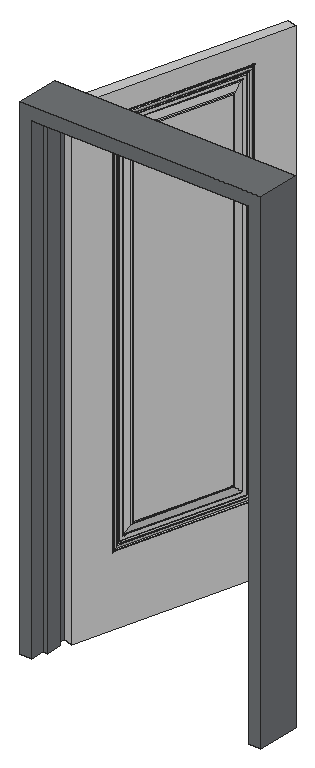
Revit family "Taylor_Entrance_1_Panel_High_Def", category Doors, host Wall, Revit 2026
Family settings
  Host = Wall
  Classification Number = 23.30.10.00
  Always vertical = Yes
  Cut with Voids When Loaded = No
  Shared = No
  Room Calculation Point = No
Parameters (values of type "36" x 84" ADA")
  Wall depth [instance] = 0' - 6"
  URL = ""
  Thickness = 0' - 1 3/4"
  Swing Visible [instance] = Swing Angle > 1.00°  # yes
  Swing Angle [instance] = 75.00°
  Swing Actual [instance] = if(Swing Angle < 1.00°, 1.00°, Swing Angle)  # 75.00°
  Specification = "https://charrette.arcat.com/company/taylor-entrance-systems-inc-50999/spec"
  SpecWizard = ""
  Sales Information = "http://www.taylordoor.com/Content/Contact_Us.cfm"
  Rough Width = Width + 0' 4"  # 3' - 4"
  Rough Height = Height + 0' 2"  # 6' - 10"
  Product Data = ""
  Model = "1 Panel High Def"
  Masonry Wall [instance] = not(Gypboard Wall)  # no
  Manufacturer Website = "http://www.taylordoor.com/"
  Manufacturer Phone - Toll Free = "800-248-3600"
  Manufacturer Phone = ""
  Manufacturer Fax = "800-252-5468"
  Manufacturer Email = ""
  Manufacturer Address = "631 N. First St., West Branch, MI 48661"
  Manufacturer = "Taylor Entrance Systems"
  Installation-Fabrication = ""
  Gypboard Wall [instance] = yes
  Green Building-LEED = ""
  Function = Interior
  Height = 6' - 8"
  Wall Closure = By host
  Width = 3' - 0"
  Fire Rating = ""
  Door Panel = Door Slab - 1 Panel HD_ADA : Door Slab - 1 Panel HD_ADA
  Door Frame Finish = Material - Door - Frame
  Door Finish = Door Finish - Grey Paintable Primer
  Description = "1 panel high def (HD) ADA option for steel doors"
  Analytic Construction = "<None>"
Types (2): name | Door Panel | Description
  36" x 84" ADA | Door Slab - 1 Panel HD_ADA : Door Slab - 1 Panel HD_ADA | "1 panel high def (HD) ADA option for steel doors"
  36" x 84" | Door Slab - 1 Panel HD : Door Slab - 1 Panel HD | "1 panel high def (HD) option for steel doors"
Reference planes (in)
  plane 1 "Center (Front/Back)": y = 0
  plane 2 "Center (Left/Right)": x = 0
  plane 3 "Left": x = -18
  plane 4 "Right": x = 18
  plane 5 "Top": z = 80
  plane 6 "Exterior": y = 3
  plane 7 "Interior": y = -3
  plane 8: x = -20
  plane 9: x = 20
  plane 10: z = 82
  plane 11: x = -17
  plane 12: x = 17
  plane 13: z = 1
  plane 14: z = 7
Forms (in)
  Sweep 1, solid, material "Material - Door - Frame" <- "Door Frame Finish", visible <- "Gypboard Wall"
    path origin (0, -3, 0) x (1, 0, 0) y (0, 0, 1)
      loop
        line (-18, 0) -> (-18, 80) -> (18, 80) -> (18, 0)
    profile origin (-18, -3, 40) x (-1, 0, 0) y (0, -1, 0)
      loop
        line (2, -6.55) -> (2, 0.55) -> (0, 0.55) -> (0, -1.75) -> (-0.75, -1.75) -> (-0.75, -4.25) -> (0, -4.25) -> (0, -6.55) -> (2, -6.55)
  Sweep 2, solid, material "Material - Door - Frame" <- "Door Frame Finish", visible <- "Masonry Wall"
    path origin (0, -3, 0) x (1, 0, 0) y (0, 0, 1)
      loop
        line (-18, 0) -> (-18, 80) -> (18, 80) -> (18, 0)
    profile origin (-18, -3, 40) x (-1, 0, 0) y (0, -1, 0)
      loop
        line (2, 0) -> (0, 0) -> (0, -1.75) -> (-0.75, -1.75) -> (-0.75, -4.625) -> (0, -4.625) -> (0, -6) -> (2, -6) -> (2, 0)
Lines and regions (in)
  Opening 1
    outline origin (-90, -3, 0) x (1, 0, 0) y (0, 0, 1)
      loop
        line (70, 0) -> (110, 0) -> (110, 82) -> (70, 82) -> (70, 0)
  symbolic lines, style "Elevation Swing"
    curve 1: line (18, 3, 0) -> (-18, 3, 40)
    curve 2: line (-18, 3, 40) -> (18, 3, 80)
  reference lines
    curve 3: line (-18, 3, 0) -> (-8.68251, 37.77333, 0)
  symbolic lines, style "DoorsFrameMullionProjection", visible <- "Gypboard Wall"
    curve 4: line (-20, -18.38231, 0) -> (-18, -18.38231, 0)
    curve 5: line (-20, -3.55, 0) -> (-20, -18.38231, 0)
    curve 6: line (-18, -3.55, 0) -> (-20, -3.55, 0)
    curve 7: line (-18, -18.38231, 0) -> (-18, -3.55, 0)
    curve 8: line (18, 3.55, 0) -> (20, 3.55, 0)
    curve 9: line (18, -3.55, 0) -> (18, 3.55, 0)
    curve 10: line (20, -3.55, 0) -> (18, -3.55, 0)
    curve 11: line (20, 3.55, 0) -> (20, -3.55, 0)
  symbolic lines, style "DoorsFrameMullionProjection", visible <- "Masonry Wall"
    curve 12: line (-20, 3, 0) -> (-18, 3, 0)
    curve 13: line (-20, -3, 0) -> (-20, 3, 0)
    curve 14: line (-18, -3, 0) -> (-20, -3, 0)
    curve 15: line (-18, 3, 0) -> (-18, -3, 0)
    curve 16: line (18, 3, 0) -> (20, 3, 0)
    curve 17: line (18, -3, 0) -> (18, 3, 0)
    curve 18: line (20, -3, 0) -> (18, -3, 0)
    curve 19: line (20, 3, 0) -> (20, -3, 0)
  symbolic lines, style "Swing"
    curve 20: arc (18, 3, 0) -> (10.56072, 24.91541, 0) -> (-8.68251, 37.77333, 0) r 36
  symbolic lines, style "DoorsFrameMullionProjection"
    curve 21: line (-18, -3, 80) -> (18, -3, 80)
    curve 22: line (-18, -3, 0) -> (-18, -3, 80)
    curve 23: line (18, -3, 80) -> (18, -3, 0)
    curve 24: line (-20, -3, 82) -> (20, -3, 82)
    curve 25: line (-20, -3, 0) -> (-20, -3, 82)
    curve 26: line (20, -3, 0) -> (-20, -3, 0)
    curve 27: line (20, -3, 82) -> (20, -3, 0)
  symbolic lines, style "Kick Plate"
    curve 28: line (-17, -3, 10) -> (17, -3, 10)
    curve 29: line (-17, -3, 1) -> (-17, -3, 10)
    curve 30: line (17, -3, 1) -> (-17, -3, 1)
    curve 31: line (17, -3, 10) -> (17, -3, 1)
Text (in)
  text "Exterior" at (-74.96733, 27.31104, 0), in view "Ref. Level"
  text "Interior" at (-74.96733, -25.14366, 0), in view "Ref. Level"
  text "Exterior" at (0, 40.15149, 123.01588), in view "Right"
  text "Interior" at (0, -64.39139, 123.01588), in view "Right"
  text "Interior" at (0, -31.01599, 123.00693), in view "Left"
  text "Exterior" at (0, 54.57065, 123.00693), in view "Left"
Dimensions and locks (in)
  equal spacing: plane 3 "Left", plane 2 "Center (Left/Right)", plane 4 "Right"
  "Height": level to plane 5 "Top"
  "Width": plane 3 "Left" to plane 4 "Right"
  equal spacing: host wall, curve 2, plane 5 "Top"
  equal spacing: plane 8, plane 2 "Center (Left/Right)", plane 9
  "Rough Width": plane 8 to plane 9
  "Width": curve 3 to curve 3
  "Thickness": Sweep 1 sketch curve to plane 6 "Exterior"
  locked: Sweep 1 sketch curve to host wall at 0.55  (x2)
  "Wall depth": host wall to host wall
  "Thickness": Sweep 2 sketch curve to Sweep 1
  "Thickness": Sweep 2 sketch curve to Sweep 2 sketch curve
  "Thickness": host wall to Sweep 1 sketch curve
  "Rough Height": plane 10 to level
  locked: plane 3 "Left" to plane 11 at 1
  locked: plane 12 to plane 4 "Right" at 1
  locked: plane 13 to level at 1
  locked: plane 14 to plane 13 at 6
  "Width": radius of curve 20
  "Swing Angle": angle plane 6 "Exterior" to curve 3
  "Swing Actual": angle curve 20 to curve 20
  aligned and locked: Opening 1 sketch curve to level
  aligned and locked: plane 4 "Right" to curve 1
  aligned and locked: plane 3 "Left" to curve 1
  aligned and locked: plane 5 "Top" to curve 2
  aligned and locked: plane 6 "Exterior" to host wall
  aligned and locked: plane 7 "Interior" to host wall
  aligned and locked: plane 6 "Exterior" to curve 3
  aligned and locked: plane 3 "Left" to curve 3
  aligned and locked: Opening 1 sketch curve to plane 8
  aligned and locked: plane 9 to Opening 1 sketch curve
  aligned and locked: Sweep 1 sketch curve to plane 3 "Left"
  aligned and locked: plane 4 "Right" to Sweep 1 sketch curve
  aligned and locked: plane 5 "Top" to Sweep 1 sketch curve
  aligned and locked: Sweep 1 sketch curve to plane 8
  aligned and locked: level to Sweep 2 sketch curve  (x2)
  aligned and locked: plane 4 "Right" to Sweep 2 sketch curve
  aligned and locked: Sweep 2 sketch curve to plane 3 "Left"  (x2)
  aligned and locked: plane 5 "Top" to Sweep 2 sketch curve
  aligned and locked: profile plane to Sweep 2 sketch curve  (x2)
  aligned and locked: plane 8 to Sweep 2 sketch curve
  aligned and locked: curve 13 to plane 8
  aligned and locked: plane 3 "Left" to curve 15
  aligned and locked: curve 12 to host wall
  aligned and locked: curve 14 to host wall
  aligned and locked: curve 18 to host wall
  aligned and locked: curve 16 to host wall
  aligned and locked: curve 19 to plane 9
  aligned and locked: curve 17 to plane 4 "Right"
  aligned and locked: curve 3 to curve 20
  aligned and locked: plane 10 to Opening 1 sketch curve
  aligned and locked: plane 5 "Top" to curve 21
  aligned and locked: plane 4 "Right" to curve 23
  aligned and locked: curve 22 to plane 3 "Left"
  aligned and locked: plane 10 to curve 24
  aligned and locked: curve 27 to plane 9
  aligned and locked: curve 25 to plane 8
  aligned and locked: level to curve 26
  aligned and locked: curve 29 to plane 11
  aligned and locked: plane 12 to curve 31
Automatic sketch dimensions
  curve 1 to level = 0' - 0"
  curve 2 to plane 4 "Right" = 0' - 0"
  Sweep 1 sketch curve to level = 0' - 0"  (x2)
  Sweep 1 sketch curve to profile plane = 0' - 0"  (x2)
  profile plane to Sweep 1 sketch curve = 0' - 0 3/4"
  profile plane to Sweep 2 sketch curve = 0' - 0 3/4"
  Sweep 2 sketch curve to Sweep 2 sketch curve = 0' - 1 3/8"
  curve 31 to plane 13 = 0' - 0"
  plane 14 to curve 31 = 0' - 3"
  curve 4 to plane 8 = 0' - 0"
  curve 7 to plane 3 "Left" = 0' - 0"
  curve 10 to plane 4 "Right" = 0' - 0"
  curve 8 to plane 9 = 0' - 0"
  host wall to curve 10 = 0' - 0.55"
  host wall to curve 7 = 0' - 0.55"
  curve 4 to curve 5 = 1' - 2.83231"
  host wall to curve 9 = 0' - 0.55"
Nested families (in)
  nested 1: "Door Slab - 1 Panel HD_ADA" at (-18, 3, 0) x (0.2588, 0.9659, 0) z (0, 0, 1), Door slab width <- "Width", Door slab thickness <- "Thickness", Door slab height <- "Height", type <- "Door Panel", type "Door Slab - 1 Panel HD_ADA"
    with Gypboard Wall yes, Door slab width 3' - 0", Door slab thickness 0' - 1 3/4", Door slab height 6' - 8"
Definition of nested family "Door Slab - 1 Panel HD_ADA"
  Parameters (values of type "Door Slab - 1 Panel HD_ADA")
    Door Finish = none
    Gypboard Wall [instance] = yes
    Door slab width [instance] = 3' - 0"
    Door slab thickness [instance] = 0' - 1 3/8"
    Door slab height [instance] = 6' - 8"
    Default Elevation = 4' - 0"
    Analytic Construction = "<None>"
  Reference planes (in)
    plane 1 "Center (Front/Back)": y = 0
    plane 2: z = 0
    plane 3 "Center (Left/Right)": x = 0
    plane 4 "Door Thickness": y = -1.375
    plane 5: x = 36
    plane 6: z = 80
    plane 7: y = -1.4375
    plane 8: y = -0.6875
    plane 9: y = -0.5625
    plane 10: y = -0.8125
    plane 11: x = 18
    plane 12: z = 76.5
    plane 13: x = 29.5
    plane 14: x = 6.5
    plane 15: z = 11.5
  Forms (in)
    Extrusion 1, solid, material <- "Door Finish"
      sketch origin (0, 0, 0) x (1, 0, 0) y (0, 0, 1)
        loop
          line (0, 80) -> (0, 0) -> (36, 0) -> (36, 80) -> (0, 80)
        loop
          line (6.5, 76.5) -> (6.5, 11.5) -> (29.5, 11.5) -> (29.5, 76.5) -> (6.5, 76.5)
      from 0 to 1.375
    Extrusion 2, solid, material <- "Door Finish"
      sketch origin (40.86714, -1.375, 48) x (-1, 0, 0) y (0, 0, 1)
        loop
          line (30.90489, 25.069) -> (14.82939, 25.069) -> (14.82939, -33.069) -> (30.90489, -33.069) -> (30.90489, 25.069)
      from 0 to 1.375
    Sweep 3, solid, material <- "Door Finish"
      path origin (-5.19536, -1.375, 68.44) x (-1, 0, 0) y (0, 0, 1)
        loop
          line (-11.72661, 8.06) -> (-34.66411, 8.06) -> (-34.66411, -56.94) -> (-11.72661, -56.94) -> (-11.72661, 8.06)
      profile "2 Panel HD Square : 2 Panel HD Square" origin (18, -1.375, 76.5) x (0, 0, -1) y (0, 1, 0)
        loop
          arc (3.30651, 0.06633) -> (3.36047, 0.01762) -> (3.431, 0) r 0.14999
          line (3.431, 0) -> (3.431, 0.30897) -> (0, 0.30897) -> (0, 0)
          arc (0, 0) -> (0.06154, 0.0132) -> (0.11224, 0.05049) r 0.14999
          line (0.11224, 0.05049) -> (0.1675, 0.11284)
          arc (0.1675, 0.11284) -> (0.2611, 0.15218) -> (0.35829, 0.12282) r 0.14984
          arc (0.35829, 0.12282) -> (0.5516, 0.03038) -> (0.75695, 0.09154) r 0.29799
          line (0.75695, 0.09154) -> (0.78906, 0.12568)
          arc (0.78906, 0.12568) -> (0.82222, 0.14896) -> (0.8619, 0.15717) r 0.09999
          line (0.8619, 0.15717) -> (1.10372, 0.15717)
          arc (1.10372, 0.15717) -> (1.14664, 0.16511) -> (1.18388, 0.18788) r 0.12
          arc (1.18388, 0.18788) -> (1.22113, 0.21064) -> (1.26405, 0.21858) r 0.12
          line (1.26405, 0.21858) -> (1.78572, 0.21858)
          arc (1.78572, 0.21858) -> (1.82885, 0.2266) -> (1.86622, 0.24958) r 0.12
          arc (1.86622, 0.24958) -> (1.9127, 0.27567) -> (1.9659, 0.27904) r 0.12
          line (1.9659, 0.27904) -> (3.10682, 0.09419) -> (3.25422, 0.09419)
          arc (3.25422, 0.09419) -> (3.28384, 0.08679) -> (3.30651, 0.06633) r 0.06299
    Sweep 4, solid, material <- "Door Finish"
      path origin (-5.19536, 0, 68.44) x (-1, 0, 0) y (0, 0, -1)
        loop
          line (-11.72661, -8.06) -> (-11.72661, 56.94) -> (-34.66411, 56.94) -> (-34.66411, -8.06) -> (-11.72661, -8.06)
      profile "2 Panel HD Square : 2 Panel HD Square" origin (18, 0, 76.5) x (0, 0, 1) y (0, -1, 0)
        loop
          arc (-3.30651, 0.06633) -> (-3.28384, 0.08679) -> (-3.25422, 0.09419) r 0.06299
          line (-3.25422, 0.09419) -> (-3.10682, 0.09419) -> (-1.9659, 0.27904)
          arc (-1.9659, 0.27904) -> (-1.9127, 0.27567) -> (-1.86622, 0.24958) r 0.12
          arc (-1.86622, 0.24958) -> (-1.82885, 0.2266) -> (-1.78572, 0.21858) r 0.12
          line (-1.78572, 0.21858) -> (-1.26405, 0.21858)
          arc (-1.26405, 0.21858) -> (-1.22113, 0.21064) -> (-1.18388, 0.18788) r 0.12
          arc (-1.18388, 0.18788) -> (-1.14664, 0.16511) -> (-1.10372, 0.15717) r 0.12
          line (-1.10372, 0.15717) -> (-0.8619, 0.15717)
          arc (-0.8619, 0.15717) -> (-0.82222, 0.14896) -> (-0.78906, 0.12568) r 0.09999
          line (-0.78906, 0.12568) -> (-0.75695, 0.09154)
          arc (-0.75695, 0.09154) -> (-0.5516, 0.03038) -> (-0.35829, 0.12282) r 0.29799
          arc (-0.35829, 0.12282) -> (-0.2611, 0.15218) -> (-0.1675, 0.11284) r 0.14984
          line (-0.1675, 0.11284) -> (-0.11224, 0.05049)
          arc (-0.11224, 0.05049) -> (-0.06154, 0.0132) -> (0, 0) r 0.14999
          line (0, 0) -> (0, 0.30897) -> (-3.431, 0.30897) -> (-3.431, 0)
          arc (-3.431, 0) -> (-3.36047, 0.01762) -> (-3.30651, 0.06633) r 0.14999
  Lines and regions (in)
    symbolic lines
      curve 1: line (0, 0, 0) -> (36, 0, 0)
      curve 2: line (0, -1.375, 0) -> (0, 0, 0)
      curve 3: line (36, -1.375, 0) -> (0, -1.375, 0)
      curve 4: line (36, 0, 0) -> (36, -1.375, 0)
  Dimensions and locks (in)
    "Door slab thickness": plane 4 "Door Thickness" to plane 1 "Center (Front/Back)"
    "Door slab width": plane 3 "Center (Left/Right)" to plane 5
    "Door slab height": plane 6 to level
    plane 4 "Door Thickness" to plane 7 = 0' - 0 1/16"
    equal spacing: plane 4 "Door Thickness", plane 8, plane 1 "Center (Front/Back)"
    equal spacing: plane 9, plane 8, plane 10
    plane 9 to plane 10 = 0' - 0 1/4"
    plane 6 to plane 12 = 0' - 3 1/2"
    aligned and locked: plane 2 to level
    aligned and locked: plane 3 "Center (Left/Right)" to Extrusion 1 sketch curve
    aligned and locked: Extrusion 1 sketch curve to plane 6
    aligned and locked: plane 5 to Extrusion 1 sketch curve
    aligned and locked: level to Extrusion 1 sketch curve
    aligned and locked: Extrusion 1 to plane 4 "Door Thickness"
    aligned and locked: Extrusion 1 to plane 1 "Center (Front/Back)"
    aligned and locked: plane 3 "Center (Left/Right)" to curve 2
    aligned and locked: plane 5 to curve 4
    aligned and locked: plane 4 "Door Thickness" to curve 3
    aligned and locked: plane 1 "Center (Front/Back)" to curve 1
  Automatic sketch dimensions
    Sweep 3 sketch curve to plane 12 = 0' - 0"
    Sweep 4 sketch curve to plane 12 = 0' - 0"
    plane 5 to Sweep 3 sketch curve = 0' - 6 17/32"
    plane 5 to Sweep 4 sketch curve = 0' - 6 17/32"
    plane 3 "Center (Left/Right)" to Sweep 3 sketch curve = 0' - 6 17/32"
    plane 3 "Center (Left/Right)" to Sweep 4 sketch curve = 0' - 6 17/32"
    Sweep 3 sketch curve to plane 12 = 5' - 5"
    Sweep 4 sketch curve to plane 12 = 5' - 5"
    plane 13 to Extrusion 2 sketch curve = 0' - 3.46225"
    Extrusion 2 sketch curve to plane 14 = 0' - 3.46225"
    Extrusion 2 sketch curve to plane 12 = 0' - 3.431"
    plane 14 to Extrusion 1 sketch curve = 0' - 0"
    plane 13 to Extrusion 1 sketch curve = 0' - 0"
    Extrusion 1 sketch curve to plane 12 = 0' - 0"
    level to Extrusion 1 sketch curve = 0' - 11 1/2"
    Extrusion 2 sketch curve to Extrusion 2 sketch curve = 4' - 10.138"
